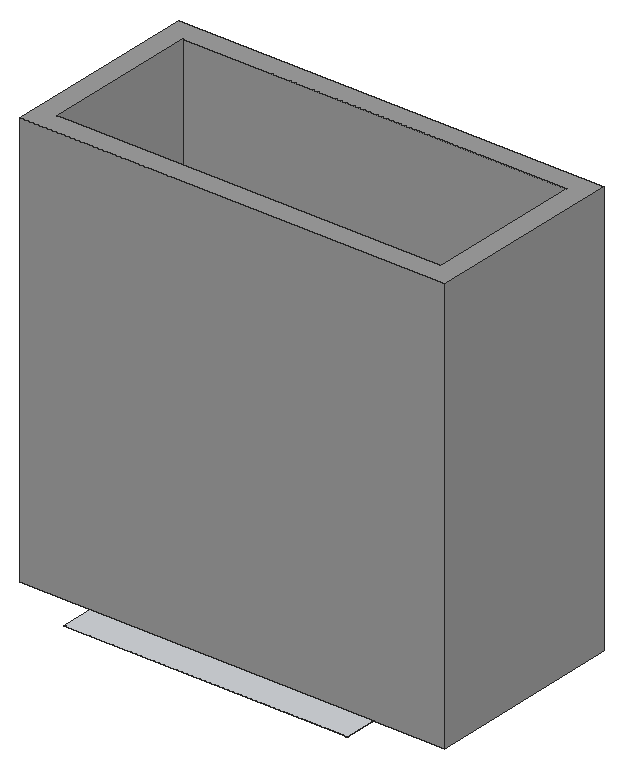
Revit family "WLL_room_template", category Walls, Revit 2024
Family settings
  Work Plane-Based = No
  Always vertical = No
  Cut with Voids When Loaded = No
  Shared = Yes
Parameters
  Type IFC Predefined Type = "PARTITIONING"
  Structural Material = none
  HSL_drofus_room_func_no [instance] = ""
  HSL_WIDTH [instance] = 2367.295 mm
  HSL_ROOM_NUMBER = ""
  HSL_ROOM_NAME_SHORT [instance] = ""
  HSL_ROOM_NAME [instance] = ""
  HSL_HEIGHT [instance] = 2438.4 mm
  HSL_GROSS_FLOOR_AREA [instance] = 0.00 m²
  HSL_DEPTH [instance] = 1044.001 mm
  HSL_DEPARTMENT_2 [instance] = ""
  HSL_DEPARTMENT_1 [instance] = ""
  HSL_DEPARTMENT [instance] = ""
  HSL_CLIENT_REQ_AREA_DIFF_PERC [instance] = if(HSL_GROSS_FLOOR_AREA - HSL_CLIENT_REQ_AREA = 0.00 m², 0, if(HSL_CLIENT_REQ_AREA = 0.00 m², 9999, 100 * (HSL_GROSS_FLOOR_AREA - HSL_CLIENT_REQ_AREA) / HSL_CLIENT_REQ_AREA))  # 0
  HSL_CLIENT_REQ_AREA_DIFF [instance] = HSL_GROSS_FLOOR_AREA - HSL_CLIENT_REQ_AREA  # 0.00 m²
  HSL_CLIENT_REQ_AREA [instance] = 0.00 m²
  Export Type to IFC As = "IfcWallType"
Reference planes
  plane 1: y = 0
  plane 2: z = 0
  plane 3: x = -230.945
  plane 4: z = 2438.4
Forms (mm)
  Extrusion 1, solid, material <- "Structural Material", detail levels medium+fine
    sketch origin (0, 0, 0) x (1, 0, 0) y (0, 1, 0)
      loop
        line (-1474.593, 582) -> (-1474.593, -582) -> (1012.703, -582) -> (1012.703, 582) -> (-1474.593, 582)
      loop
        line (-1354.593, 462) -> (-1354.593, -462) -> (892.703, -462) -> (892.703, 462) -> (-1354.593, 462)
    from 0 to 2438.4 <- "HSL_HEIGHT"
  Extrusion 2, solid, not visible, detail levels coarse
    sketch origin (0, 0, 0) x (1, 0, 0) y (0, 1, 0)
      loop
        line (-1474.593, 582) -> (-1474.593, -582) -> (1012.703, -582) -> (1012.703, 582) -> (-1474.593, 582)
      loop
        line (-1354.593, 462) -> (-1354.593, -462) -> (892.703, -462) -> (892.703, 462) -> (-1354.593, 462)
    from 0 to 2438.4 <- "HSL_HEIGHT"
Dimensions and locks
  "HSL_HEIGHT": plane 4 to level
  aligned and locked: plane 3 to nested 1
  aligned and locked: plane 1 to nested 1
  aligned and locked: plane 3 to nested 2
  aligned and locked: plane 1 to nested 2
  aligned and locked: plane 3 to nested 3
  aligned and locked: plane 1 to nested 3
Automatic sketch dimensions
  Extrusion 1 sketch curve to plane 1 = 462 mm
  Extrusion 1 sketch curve to Extrusion 1 sketch curve = 120 mm  (x4)
  Extrusion 2 sketch curve to plane 1 = 462 mm
  Extrusion 2 sketch curve to Extrusion 2 sketch curve = 120 mm  (x4)
  plane 1 to Extrusion 1 sketch curve = 462 mm
  plane 1 to Extrusion 2 sketch curve = 462 mm
  plane 3 to Extrusion 1 sketch curve = 1123.648 mm
  plane 3 to Extrusion 2 sketch curve = 1123.648 mm
  Extrusion 1 sketch curve to plane 3 = 1123.648 mm
  Extrusion 2 sketch curve to plane 3 = 1123.648 mm
Nested families
  nested 1: "ANN_Planning_nested_tag" at (-230.945, 0, 0), HSL_DEPTH <- "HSL_DEPTH", HSL_WIDTH <- "HSL_WIDTH", HSL_ROOM_NAME_SHORT <- "HSL_ROOM_NAME_SHORT", HSL_drofus_room_func_no <- "HSL_drofus_room_func_no", HSL_CLIENT_REQ_AREA <- "HSL_CLIENT_REQ_AREA", HSL_GROSS_FLOOR_AREA <- "HSL_GROSS_FLOOR_AREA", type "ANN_Planning_nested_tag"
    with HSL_drofus_room_func_no "", HSL_WIDTH 2367.295 mm, HSL_ROOM_NAME_SHORT "", HSL_ID_INSTANCE "", HSL_GROSS_FLOOR_AREA 0.00 m², HSL_DEPTH 1044.001 mm, HSL_CLIENT_REQ_AREA 0.00 m²
  nested 2: "GEN_Inner_Nested_template" at (-230.945, 0, 0), HSL_DEPARTMENT <- "HSL_DEPARTMENT", HSL_DEPARTMENT_1 <- "HSL_DEPARTMENT_1", HSL_DEPARTMENT_2 <- "HSL_DEPARTMENT_2", HSL_ROOM_NUMBER <- "HSL_ROOM_NUMBER", HSL_drofus_room_func_no <- "HSL_drofus_room_func_no", HSL_CLIENT_REQ_AREA_DIFF <- "HSL_CLIENT_REQ_AREA_DIFF", HSL_CLIENT_REQ_AREA_DIFF_PERC <- "HSL_CLIENT_REQ_AREA_DIFF_PERC", HSL_DEPTH <- "HSL_DEPTH", HSL_HEIGHT <- "HSL_HEIGHT", HSL_WIDTH <- "HSL_WIDTH", type "Rectangle_Inner_Nested"
    with HSL_drofus_room_func_no "", HSL_WIDTH 2367.295 mm, HSL_ROOM_NUMBER "", HSL_HEIGHT 2438.4 mm, HSL_DEPTH 1044.001 mm, HSL_DEPARTMENT_2 "", HSL_DEPARTMENT_1 "", HSL_DEPARTMENT "", HSL_CLIENT_REQ_AREA_DIFF_PERC 0, HSL_CLIENT_REQ_AREA_DIFF 0.00 m²
  nested 3: "GEN_Inner_Nested_Coarse_template" at (-230.945, 0, 0), HSL_DEPTH <- "HSL_DEPTH", HSL_HEIGHT <- "HSL_HEIGHT", HSL_WIDTH <- "HSL_WIDTH", HSL_DEPARTMENT <- "HSL_DEPARTMENT", HSL_DEPARTMENT_1 <- "HSL_DEPARTMENT_1", HSL_DEPARTMENT_2 <- "HSL_DEPARTMENT_2", HSL_ROOM_NUMBER <- "HSL_ROOM_NUMBER", HSL_drofus_room_func_no <- "HSL_drofus_room_func_no", HSL_CLIENT_REQ_AREA_DIFF <- "HSL_CLIENT_REQ_AREA_DIFF", HSL_CLIENT_REQ_AREA_DIFF_PERC <- "HSL_CLIENT_REQ_AREA_DIFF_PERC", type "Rectangle_Inner_Nested", detail levels coarse
    with HSL_drofus_room_func_no "", HSL_WIDTH 2367.295 mm, HSL_ROOM_NUMBER "", HSL_HEIGHT 2438.4 mm, HSL_DEPTH 1044.001 mm, HSL_DEPARTMENT_2 "", HSL_DEPARTMENT_1 "", HSL_DEPARTMENT "", HSL_CLIENT_REQ_AREA_DIFF_PERC 0, HSL_CLIENT_REQ_AREA_DIFF 0.00 m²
Definition of nested family "GEN_Inner_Nested_template"
  Parameters (values of type "Rectangle_Inner_Nested")
    Learning Link = ""
    HSL_drofus_room_func_no [instance] = ""
    HSL_WIDTH [instance] = 1880 mm
    HSL_ROOM_NUMBER [instance] = ""
    HSL_HEIGHT [instance] = 1574.089 mm
    HSL_DEPTH [instance] = 1766.032 mm
    HSL_DEPARTMENT_2 [instance] = ""
    HSL_DEPARTMENT_1 [instance] = ""
    HSL_DEPARTMENT [instance] = ""
    HSL_CLIENT_REQ_AREA_DIFF_PERC [instance] = 0
    HSL_CLIENT_REQ_AREA_DIFF [instance] = 0.00 m²
    Default Elevation = 0 mm
  Reference planes
    plane 1 "Center (Front/Back)": y = 0
    plane 2: z = 0
    plane 3 "Center (Left/Right)": x = 0
    plane 4: z = 1574.089
  Forms (mm)
    Extrusion 1, solid, detail levels medium+fine
      sketch origin (0, 0, 0) x (1, 0, 0) y (0, 1, 0)
        loop
          line (-832.073, 775.089) -> (-832.073, -775.089) -> (832.073, -775.089) -> (832.073, 775.089) -> (-832.073, 775.089)
      from 0 to 1
  Lines and regions (mm)
    model lines, detail levels medium+fine
      curve 1: line (0, 0, 0) -> (0, 0, 1574.089)
  Dimensions and locks
    "HSL_HEIGHT": plane 4 to level
    aligned and locked: level to plane 2
    aligned and locked: plane 4 to curve 1
    aligned and locked: level to curve 1
    aligned and locked: plane 3 "Center (Left/Right)" to curve 1
  Automatic sketch dimensions
    plane 3 "Center (Left/Right)" to Extrusion 1 sketch curve = 832.073 mm
    Extrusion 1 sketch curve to plane 3 "Center (Left/Right)" = 832.073 mm
    Extrusion 1 sketch curve to plane 1 "Center (Front/Back)" = 775.089 mm
    plane 1 "Center (Front/Back)" to Extrusion 1 sketch curve = 775.089 mm
Definition of nested family "ANN_Planning_nested_tag"
  Parameters (values of type "ANN_Planning_nested_tag")
    Learning Link = ""
    HSL_drofus_room_func_no [instance] = "00.00.00"
    HSL_WIDTH [instance] = 2000 mm
    HSL_ROOM_NAME_SHORT [instance] = "SAMPLE"
    HSL_ID_INSTANCE [instance] = ""
    HSL_GROSS_FLOOR_AREA [instance] = 60.00 m²
    HSL_DEPTH [instance] = 3000 mm
    HSL_CLIENT_REQ_AREA [instance] = 30.00 m²
    Default Elevation = 0 mm
  Reference planes
    plane 1 "Center (Front/Back)": y = 0
    plane 2: z = 0
    plane 3 "Center (Left/Right)": x = 0
  Dimensions and locks
    aligned and locked: level to plane 2
  Nested families
    nested 1: "SYM_Planning_Annotation" at (-30, -159.812, 0), HSL_GROSS_FLOOR_AREA <- "HSL_GROSS_FLOOR_AREA", HSL_ROOM_NAME_SHORT <- "HSL_ROOM_NAME_SHORT", HSL_drofus_room_func_no <- "HSL_drofus_room_func_no", HSL_DEPTH <- "HSL_DEPTH", HSL_WIDTH <- "HSL_WIDTH", HSL_CLIENT_REQ_AREA <- "HSL_CLIENT_REQ_AREA", type "SYM_Planning_Annotation"
      with HSL_drofus_room_func_no "00.00.00", HSL_WIDTH 2000 mm, HSL_ROOM_NAME_SHORT "SAMPLE", HSL_GROSS_FLOOR_AREA 60.00 m², HSL_DEPTH 3000 mm, HSL_CLIENT_REQ_AREA 30.00 m²
  Definition of nested family "SYM_Planning_Annotation"
    Parameters (values of type "SYM_Planning_Annotation")
      HSL_drofus_room_func_no [instance] = ""
      HSL_WIDTH [instance] = 0 mm
      HSL_ROOM_NAME_SHORT [instance] = ""
      HSL_GROSS_FLOOR_AREA [instance] = 0.00 m²
      HSL_DEPTH [instance] = 0 mm
      HSL_CLIENT_REQ_AREA [instance] = 0.00 m²
    Reference planes
      plane 1: y = 0
      plane 2: x = 0
    Text (mm)
      label "HSL_WIDTH/ HSL_DEPTH\nHSL_drofus_room_func_no\nHSL_ROOM_NAME_SHORT\nHSL_GROSS_FLOOR_AREA /  [HSL_CLIENT_REQ_AREA]" at (1.878, 17.288, 0), shows "HSL_WIDTH", "HSL_DEPTH", "HSL_drofus_room_func_no", "HSL_ROOM_NAME_SHORT", "HSL_GROSS_FLOOR_AREA", "HSL_CLIENT_REQ_AREA"
Definition of nested family "GEN_Inner_Nested_Coarse_template"
  Parameters (values of type "Rectangle_Inner_Nested")
    Learning Link = ""
    HSL_drofus_room_func_no [instance] = ""
    HSL_WIDTH [instance] = 2000 mm
    HSL_ROOM_NUMBER [instance] = ""
    HSL_HEIGHT [instance] = 1574.089 mm
    HSL_DEPTH [instance] = 2000 mm
    HSL_DEPARTMENT_2 [instance] = ""
    HSL_DEPARTMENT_1 [instance] = ""
    HSL_DEPARTMENT [instance] = ""
    HSL_CLIENT_REQ_AREA_DIFF_PERC [instance] = 0
    HSL_CLIENT_REQ_AREA_DIFF [instance] = 0.00 m²
    Default Elevation = 0 mm
  Reference planes
    plane 1 "Center (Front/Back)": y = 0
    plane 2: z = 0
    plane 3 "Center (Left/Right)": x = 0
    plane 4: z = 1574.089
  Forms (mm)
    Extrusion 1, solid, detail levels coarse
      sketch origin (0, 0, 0) x (1, 0, 0) y (0, 1, 0)
        loop
          arc (-700, 900) -> (-841.421, 841.421) -> (-900, 700) r 200
          line (-900, 700) -> (-900, -700)
          arc (-900, -700) -> (-841.421, -841.421) -> (-700, -900) r 200
          line (-700, -900) -> (700, -900)
          arc (700, -900) -> (841.421, -841.421) -> (900, -700) r 200
          line (900, -700) -> (900, 700)
          arc (900, 700) -> (841.421, 841.421) -> (700, 900) r 200
          line (700, 900) -> (-700, 900)
      from 0 to 1
  Lines and regions (mm)
    model lines, detail levels coarse
      curve 1: line (0, 0, 0) -> (0, 0, 1574.089)
    symbolic lines, detail levels coarse
      curve 2: line (700, 900, 0) -> (-700, 900, 0)
      curve 3: line (900, -700, 0) -> (900, 700, 0)
      curve 4: line (-700, -900, 0) -> (700, -900, 0)
      curve 5: line (-900, 700, 0) -> (-900, -700, 0)
      curve 6: arc (700, 900, 0) -> (841.421, 841.421, 0) -> (900, 700, 0) r 200
      curve 7: arc (-700, 900, 0) -> (-841.421, 841.421, 0) -> (-900, 700, 0) r 200
      curve 8: arc (700, -900, 0) -> (841.421, -841.421, 0) -> (900, -700, 0) r 200
  Dimensions and locks
    "HSL_HEIGHT": plane 4 to level
    aligned and locked: level to plane 2
    aligned and locked: plane 4 to curve 1
    aligned and locked: level to curve 1
    aligned and locked: plane 3 "Center (Left/Right)" to curve 1
  Automatic sketch dimensions
    curve 5 to curve 7 = 200 mm
    curve 6 to curve 6 = 200 mm
    Extrusion 1 sketch curve to Extrusion 1 sketch curve = 200 mm  (x3)
    curve 8 to curve 8 = 200 mm
    plane 3 "Center (Left/Right)" to curve 6 = 700 mm
    plane 3 "Center (Left/Right)" to Extrusion 1 sketch curve = 700 mm
    curve 2 to plane 3 "Center (Left/Right)" = 700 mm
    plane 1 "Center (Front/Back)" to curve 4 = 900 mm
    curve 6 to plane 1 "Center (Front/Back)" = 700 mm
    curve 5 to curve 4 = 200 mm
    curve 4 to curve 5 = 200 mm
    Extrusion 1 sketch curve to plane 3 "Center (Left/Right)" = 700 mm  (x2)
    plane 1 "Center (Front/Back)" to Extrusion 1 sketch curve = 900 mm
    Extrusion 1 sketch curve to plane 1 "Center (Front/Back)" = 700 mm
